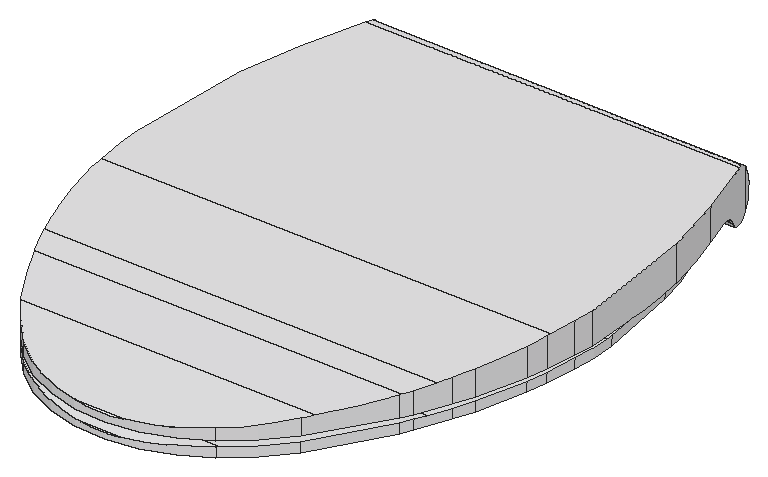
Revit family "Toilet_Seat-Elongated_Closed_Front-KALLISTA-Ultra-P78634", category Specialty Equipment, host Face, Revit 2022 (continued)
Definition of nested family "P78634"
  Lines and regions (in)
    symbolic lines, detail levels medium+fine
      curve 74: line (0, -14.30634, 0.16306) -> (0, -14.30634, 0.22409)
      curve 75: line (0, -14.30634, 0.22409) -> (0, -8.17953, 0.27282)
      curve 76: line (0, -8.17953, 0.27282) -> (0, -8.17953, 0.22381)
      curve 77: line (0, -7.78589, 0.22381) -> (0, -7.78589, 0.27592)
      curve 78: line (0, -7.78589, 0.27592) -> (0, -5.27752, 0.32138)
      curve 79: arc (0, -5.27752, 0.32138) -> (0, -4.36257, 0.34213) -> (0, -3.44784, 0.3712) r 100.5979
      curve 80: arc (0, -7.79168, 0.05229) -> (0, -8.01642, 0.04473) -> (0, -8.24115, 0.05229) r 3.3445
      curve 81: arc (0, -7.39103, 0.23068) -> (0, -7.57551, 0.10589) -> (0, -7.79168, 0.05229) r 0.63661
      curve 82: arc (0, -8.24115, 0.05229) -> (0, -8.42378, 0.10256) -> (0, -8.57208, 0.22038) r 0.47351
      curve 83: arc (0, -14.09076, 0.0258) -> (0, -14.52902, -0.0122) -> (0, -14.96728, 0.0258) r 2.5463
      curve 84: arc (0, -14.96728, 0.0258) -> (0, -15.05288, 0.07229) -> (0, -15.09296, 0.16107) r 0.15273
      curve 85: arc (0, -13.91135, 0.1665) -> (0, -13.98339, 0.07362) -> (0, -14.09076, 0.0258) r 0.24129
      curve 86: arc (0, -1.57446, 0.96393) -> (0, -2.17549, 0.64559) -> (0, -2.84536, 0.52795) r 2.17999
      curve 87: arc (0, -1.9774, 0.92949) -> (0, -1.68477, 0.97253) -> (0, -1.3891, 0.98096) r 2.51804
      curve 88: arc (0, -1.3891, 0.98096) -> (0, -1.2219, 0.94739) -> (0, -1.07509, 0.86061) r 0.51035
      curve 89: arc (0, -2.84536, 0.52795) -> (0, -10.53168, 0.43004) -> (0, -18.21857, 0.40071) r 861.54772
      curve 90: line (0, -18.41623, 0.86001) -> (0, -8.71347, 1.19883)
      curve 91: arc (0, -8.71347, 1.19883) -> (0, -6.42468, 1.31928) -> (0, -4.14158, 1.52051) r 64.86236
      curve 92: arc (0, -4.14158, 1.52051) -> (0, -2.2907, 1.70661) -> (0, -0.43792, 1.8728) r 173.07766
      curve 93: arc (0, -0.43792, 1.8728) -> (0, -0.22089, 1.83429) -> (0, -0.0516, 1.69312) r 0.42916
      curve 94: arc (0, -0.0516, 1.69312) -> (0, 0.09823, 1.44005) -> (0, 0.20503, 1.16604) r 1.80752
      curve 95: arc (0, -0.23384, 0.4182) -> (0, -0.43069, 0.38637) -> (0, -0.62754, 0.4182) r 0.62467
      curve 96: arc (0, -4.13328, 1.44221) -> (0, -2.28324, 1.62822) -> (0, -0.43131, 1.79434) r 172.99892
      curve 97: arc (0, -8.71072, 1.12014) -> (0, -6.41915, 1.24073) -> (0, -4.13328, 1.44221) r 64.9411
      curve 98: line (0, -18.41348, 0.78132) -> (0, -8.71072, 1.12014)
      curve 99: arc (0, -0.43131, 1.79434) -> (0, -0.2541, 1.76289) -> (0, -0.11587, 1.64762) r 0.35042
      curve 100: arc (0, -0.11587, 1.64762) -> (0, 0.02743, 1.40558) -> (0, 0.12959, 1.14351) r 1.72878
      curve 101: arc (0, 0.12959, 1.14351) -> (0, 0.15828, 1.05912) -> (0, 0.19324, 0.97712) r 1.1868
      curve 102: line (0, -0.62754, 0.27559) -> (0, -0.22736, 0.27559)
      curve 103: line (0, -0.82441, 0.19486) -> (0, 0.99196, 0.19486)
      curve 104: line (0, -14.534, 0.16107) -> (0, -15.09296, 0.16107)
      curve 105: line (0, -14.70004, 0.16107) -> (0, -14.70004, 0.22189)
      curve 106: line (0, -14.70004, 0.22189) -> (0, -15.57053, 0.22189)
      curve 107: line (0, -14.70004, 0.22189) -> (0, -14.30634, 0.22409)
      curve 108: line (0, -8.17953, 0.22381) -> (0, -7.78589, 0.22381)
      curve 109: line (0, -7.39103, 0.23068) -> (0, -7.78589, 0.22381)
      curve 110: line (0, -8.57208, 0.22038) -> (0, -8.17953, 0.22381)
      curve 111: line (0, -7.78589, 0.27592) -> (0, -8.17953, 0.27282)
      curve 112: line (-4.56546, 0, 0.1552) -> (3.38334, 0, 0.1552)
      curve 113: line (-4.17176, 0, 0.1552) -> (-4.17176, 0, 0.20856)
      curve 114: line (-3.77806, 0, 0.1552) -> (-3.77806, 0, 0.20856)
      curve 115: line (-3.77806, 0, 0.20856) -> (3.77715, 0, 0.1996)
      curve 116: line (3.77715, 0, 0.1996) -> (3.77715, 0, 0.15657)
      curve 117: line (3.77715, 0, 0.15657) -> (3.38345, 0, 0.15657)
      curve 118: line (3.77715, 0, 0.15657) -> (4.56455, 0, 0.15657)
      curve 119: line (4.17085, 0, 0.15657) -> (4.17085, 0, 0.20499)
      curve 120: line (3.77715, 0, 0.1996) -> (4.3677, 0, 0.1996)
      curve 121: arc (3.61449, 0, 0.01109) -> (3.94396, 0, 0.00089) -> (4.27357, 0, 0) r 11.66517
      curve 122: arc (3.38345, 0, 0.15657) -> (3.47974, 0, 0.05329) -> (3.61449, 0, 0.01109) r 0.27626
      curve 123: arc (-5.70668, 0, 1.07427) -> (0.00198, 0, 0.93462) -> (5.71064, 0, 1.07427) r 116.75344
      curve 124: arc (-6.65783, 0, 1.16136) -> (-6.18318, 0, 1.10773) -> (-5.70668, 0, 1.07427) r 11.26771
      curve 125: arc (-7.05223, 0, 1.27444) -> (-6.85915, 0, 1.20353) -> (-6.65783, 0, 1.16136) r 1.41476
      curve 126: arc (-7.09993, 0, 1.42734) -> (-7.11039, 0, 1.34019) -> (-7.05223, 0, 1.27444) r 0.1072
      curve 127: arc (5.71064, 0, 1.07427) -> (6.34601, 0, 1.13415) -> (6.97342, 0, 1.25095) r 7.08564
      curve 128: arc (6.97342, 0, 1.25095) -> (7.05171, 0, 1.28568) -> (7.11174, 0, 1.34679) r 0.22866
      curve 129: arc (7.11174, 0, 1.34679) -> (7.12313, 0, 1.37405) -> (7.12346, 0, 1.40359) r 0.0773
      curve 130: arc (7.00918, 0, 1.09758) -> (7.09363, 0, 1.12799) -> (7.16878, 0, 1.17707) r 0.38614
      curve 131: arc (5.71834, 0, 0.91698) -> (6.36783, 0, 0.97819) -> (7.00918, 0, 1.09758) r 7.24312
      curve 132: arc (-5.71438, 0, 0.91698) -> (0.00198, 0, 0.77714) -> (5.71834, 0, 0.91698) r 116.91092
      curve 133: arc (-5.89833, 0, 0.67617) -> (-0.16531, 0, 0.52751) -> (5.5681, 0, 0.65979) r 117.0684
      curve 134: arc (-6.67882, 0, 1.00529) -> (-6.19754, 0, 0.95091) -> (-5.71438, 0, 0.91698) r 11.42519
      curve 135: arc (-7.11712, 0, 1.13095) -> (-6.90255, 0, 1.05215) -> (-6.67882, 0, 1.00529) r 1.57224
      curve 136: arc (-7.16577, 0, 1.15956) -> (-7.14221, 0, 1.14396) -> (-7.11712, 0, 1.13095) r 0.26468
      curve 137: line (-7.04769, 0, 0.37376) -> (7.04519, 0, 0.37376)
      curve 138: line (-5.36752, 0, 0.22127) -> (-6.1515, 0, 0.20518)
      curve 139: line (-3.77806, 0, 0.20856) -> (-4.36861, 0, 0.20856)
      curve 140: arc (-4.19905, 0, -0.31515) -> (-0.00154, 0, -0.2761) -> (4.19585, 0, -0.32538) r 199.51272
      curve 141: line (6.20219, 0, 0.22736) -> (5.36346, 0, 0.21388)
      curve 142: line (5.88415, 0, 0.67382) -> (5.5681, 0, 0.65979)
      curve 143: line (0, -15.39895, -0.45146) -> (0, -3.6529, -0.30064)
  Dimensions and locks (in)
    aligned and locked: plane 2 to level
  Automatic sketch dimensions
    curve 51 to curve 52 = 0"  (x2)
    curve 66 to curve 71 = 0"  (x2)
    curve 34 to plane 8 = 0"
    curve 68 to plane 8 = 0"
    plane 6 to curve 54 = 11.06787"
    curve 54 to plane 4 = 34.62549"
    plane 14 to curve 65 = 2.28288"
    curve 65 to plane 4 = 21.22929"
    curve 42 to plane 12 = 2.21289"
    curve 65 to curve 42 = 4.63059"
    plane 12 to curve 63 = 0.48935"
    curve 42 to curve 63 = 6.49853"
    curve 58 to plane 13 = 2.01183"
    curve 63 to curve 58 = 2 53/256"
    curve 58 to curve 56 = 2.52218"
    curve 64 to plane 4 = 2.4988"
    curve 59 to plane 4 = 0.6338"
    curve 67 to plane 9 = 0.03828"
    curve 67 to plane 10 = 0.2021"
    plane 10 to curve 34 = 0.08711"
    curve 34 to curve 67 = 0.03477"
    plane 10 to curve 36 = 0.33328"
    curve 35 to plane 1 "Center (Front/Back)" = 0.01213"
    plane 12 to curve 57 = 0.05388"
    curve 57 to plane 20 "ka" = 0.39039"
    plane 20 "ka" to curve 53 = 0.24948"
    plane 1 "Center (Front/Back)" to curve 2 = 0.06577"
    plane 20 "ka" to curve 2 = 0.44474"
    curve 2 to curve 3 = 0.02785"
    curve 3 to curve 7 = 0.03562"
    curve 7 to curve 9 = 0.04633"
    curve 9 to curve 8 = 0.04902"
    curve 8 to curve 4 = 0.03365"
    curve 4 to curve 5 = 0.02552"
    plane 1 "Center (Front/Back)" to curve 12 = 0.0378"
    curve 5 to curve 12 = 0.16414"
    curve 4 to curve 14 = 0.1985"
    plane 20 "ka" to curve 41 = 1.04951"
    curve 5 to curve 13 = 0.66426"
    curve 12 to curve 15 = 0.00222"
    curve 43 to plane 12 = 0.43288"
    curve 43 to plane 3 "Center (Left/Right)" = 1.64423"
    plane 13 to curve 71 = 0.10943"
    curve 71 to plane 3 "Center (Left/Right)" = 1.45893"
    curve 49 to plane 3 "Center (Left/Right)" = 0.1769"
    plane 3 "Center (Left/Right)" to curve 55 = 0.02551"
    plane 3 "Center (Left/Right)" to curve 52 = 0.03466"
    plane 3 "Center (Left/Right)" to curve 50 = 0.03823"
    plane 3 "Center (Left/Right)" to curve 36 = 0.0529"
    plane 13 to curve 38 = 0.10943"
    plane 3 "Center (Left/Right)" to curve 38 = 1.45893"
    curve 60 to plane 12 = 0.43288"
    plane 3 "Center (Left/Right)" to curve 60 = 1.64423"
    curve 60 to curve 48 = 0.61243"
    plane 1 "Center (Front/Back)" to curve 30 = 0.24886"
    curve 36 to curve 30 = 2.37572"
    curve 60 to curve 62 = 1.22602"
    curve 28 to curve 29 = 0.65542"
    plane 1 "Center (Front/Back)" to curve 22 = 0.0378"
    curve 29 to curve 22 = 0.00884"
    plane 1 "Center (Front/Back)" to curve 23 = 0.06332"
    curve 22 to curve 23 = 0.16414"
    curve 21 to curve 32 = 0.03365"
    curve 32 to curve 24 = 0.04902"
    curve 24 to curve 33 = 0.04874"
    curve 33 to curve 20 = 0.03321"
    curve 20 to curve 19 = 0.02785"
    plane 12 to curve 46 = 0.05388"
    curve 46 to plane 11 = 1.00481"
    curve 69 to plane 1 "Center (Front/Back)" = 0.01213"
    curve 69 to plane 11 = 0.37452"
    curve 69 to curve 70 = 0.04123"
    curve 72 to plane 9 = 0.03828"
    plane 11 to curve 72 = 0.2021"
    plane 5 to curve 44 = 0.6338"
    curve 44 to curve 47 = 1.52249"
    curve 47 to curve 39 = 0.34251"
    curve 45 to plane 13 = 2.01183"
    curve 39 to curve 45 = 5.39432"
    plane 12 to curve 40 = 0.48935"
    curve 45 to curve 40 = 2 53/256"
    curve 61 to plane 12 = 2.21289"
    curve 40 to curve 61 = 6.49853"
    curve 61 to curve 37 = 4.63059"
    curve 37 to plane 12 = 3.58523"
    plane 14 to curve 55 = 2.10231"
    curve 50 to curve 55 = 135/256"
    curve 51 to curve 50 = 0.50493"
    curve 49 to curve 51 = 0.2334"
    curve 48 to curve 60 = 1.81237"
    curve 53 to plane 12 = 0.83272"
    plane 12 to curve 62 = 0.69669"
    plane 12 to curve 41 = 0.69669"
    curve 46 to curve 44 = 1.48249"
    curve 57 to curve 59 = 1.48249"
    curve 59 to curve 64 = 0.19772"
    curve 44 to curve 39 = 0.19772"
    curve 39 to curve 47 = 0.77483"
    curve 58 to curve 56 = 0.03671"
    curve 29 to curve 26 = 0.13045"
    curve 14 to curve 5 = 0.34151"
    curve 17 to curve 12 = 0.21106"
    plane 1 "Center (Front/Back)" to curve 33 = 0.11114"
    curve 33 to curve 20 = 0.00092"
    curve 3 to curve 2 = 0.04444"
    curve 4 to curve 4 = 0.0469"
    curve 21 to curve 21 = 0.0469"
    curve 33 to curve 19 = 0.04444"
    curve 7 to curve 9 = 0.0452"
    plane 1 "Center (Front/Back)" to curve 24 = 0.06501"
    curve 2 to curve 3 = 0.00346"
    curve 19 to curve 20 = 0.00346"
    curve 15 to curve 12 = 0.01746"
    plane 4 to curve 41 = 0.07874"
    curve 40 to curve 41 = 0"
    curve 42 to curve 41 = 0"
    curve 43 to curve 42 = 0"
    curve 44 to curve 43 = 0"
    curve 39 to curve 40 = 0"
    curve 45 to curve 44 = 0"
    curve 37 to curve 39 = 0"
    curve 46 to curve 45 = 0"
    curve 47 to curve 46 = 0"
    curve 67 to curve 34 = 0.1052"
    curve 36 to curve 17 = 0.3344"
    curve 48 to curve 47 = 0"
    curve 1 to curve 1 = 0.17643"
    curve 2 to curve 10 = 0.01067"
    curve 3 to curve 7 = 0.00908"
    curve 11 to curve 5 = 0.00615"
    curve 49 to curve 48 = 0"
    curve 14 to curve 15 = 0"
    curve 14 to curve 16 = 0.43109"
    curve 50 to curve 49 = 0"
    curve 51 to curve 50 = 0"
    curve 30 to curve 28 = 0.515"
    plane 7 to curve 51 = 0.49346"
    curve 29 to curve 28 = 0.08391"
    curve 29 to curve 27 = 0.01801"
    curve 26 to curve 32 = 0.02828"
    curve 24 to curve 32 = 0"
    curve 53 to curve 52 = 0"
    curve 33 to curve 25 = 0.02627"
    curve 18 to curve 18 = 0.17643"
    curve 55 to curve 53 = 0"
    curve 31 to curve 70 = 0.3344"
    curve 54 to curve 55 = 0"
    curve 68 to curve 69 = 0.1052"
    plane 8 to curve 66 = 0.01075"
    curve 65 to curve 66 = 0"
    plane 11 to curve 54 = 0.35973"
    curve 57 to curve 56 = 0"
    curve 58 to curve 57 = 0"
    curve 64 to curve 65 = 0"
    curve 59 to curve 58 = 0"
    curve 63 to curve 64 = 0"
    curve 60 to curve 59 = 0"
    curve 61 to curve 60 = 0"
    curve 62 to curve 61 = 0"
    Masking region 1 sketch curve to Masking region 1 sketch curve = 0"  (x32)
    Masking region 1 sketch curve to plane 4 = 0"  (x2)
    Masking region 1 sketch curve to plane 9 = 0"  (x2)
    Masking region 1 sketch curve to plane 3 "Center (Left/Right)" = 0"  (x2)
    Masking region 1 sketch curve to plane 5 = 0"  (x2)
    Masking region 1 sketch curve to plane 7 = 0"
    Masking region 1 sketch curve to plane 4 = 0.6338"
    Masking region 1 sketch curve to Masking region 1 sketch curve = 1.865"
    Masking region 1 sketch curve to Masking region 1 sketch curve = 2.87214"
    Masking region 1 sketch curve to Masking region 1 sketch curve = 2.52218"
    plane 12 to Masking region 1 sketch curve = 0.48935"  (x2)
    Masking region 1 sketch curve to Masking region 1 sketch curve = 2 53/256"  (x2)
    Masking region 1 sketch curve to plane 12 = 2.21289"  (x2)
    Masking region 1 sketch curve to Masking region 1 sketch curve = 6.49853"  (x2)
    Masking region 1 sketch curve to Masking region 1 sketch curve = 4.63059"  (x2)
    plane 6 to Masking region 1 sketch curve = 11.06787"
    Masking region 1 sketch curve to Masking region 1 sketch curve = 13.39621"
    plane 8 to Masking region 1 sketch curve = 0.04025"  (x2)
    Masking region 1 sketch curve to plane 10 = 0.30473"
    Masking region 1 sketch curve to plane 9 = 0.01888"  (x2)
    Masking region 1 sketch curve to Masking region 1 sketch curve = 0.0251"  (x2)
    Masking region 1 sketch curve to Masking region 1 sketch curve = 0.02503"
    Masking region 1 sketch curve to plane 9 = 0.0303"  (x2)
    plane 10 to Masking region 1 sketch curve = 0.17491"
    plane 10 to Masking region 1 sketch curve = 0.41361"
    plane 1 "Center (Front/Back)" to Masking region 1 sketch curve = 0.09698"  (x2)
    Masking region 1 sketch curve to Masking region 1 sketch curve = 0.00957"  (x2)
    Masking region 1 sketch curve to Masking region 1 sketch curve = 0.25383"
    Masking region 1 sketch curve to Masking region 1 sketch curve = 0.0203"
    plane 8 to Masking region 1 sketch curve = 0.01476"  (x2)
    Masking region 1 sketch curve to Masking region 1 sketch curve = 0.10439"  (x2)
    plane 12 to Masking region 1 sketch curve = 0.05388"  (x2)
    Masking region 1 sketch curve to plane 20 "ka" = 0.39039"
    plane 20 "ka" to Masking region 1 sketch curve = 0.24948"
    plane 1 "Center (Front/Back)" to Masking region 1 sketch curve = 0.03924"  (x2)
    plane 20 "ka" to Masking region 1 sketch curve = 0.26852"
    plane 12 to Masking region 1 sketch curve = 0.69669"  (x2)
    plane 20 "ka" to Masking region 1 sketch curve = 1.04951"
    Masking region 1 sketch curve to plane 8 = 0.0011"  (x2)
    Masking region 1 sketch curve to Masking region 1 sketch curve = 0.90124"
    plane 1 "Center (Front/Back)" to Masking region 1 sketch curve = 0.24886"
    Masking region 1 sketch curve to plane 12 = 0.43288"  (x2)
    Masking region 1 sketch curve to plane 3 "Center (Left/Right)" = 1.64423"
    plane 13 to Masking region 1 sketch curve = 0.10943"  (x2)
    Masking region 1 sketch curve to plane 3 "Center (Left/Right)" = 1.45893"
    Masking region 1 sketch curve to plane 3 "Center (Left/Right)" = 0.1769"
    plane 3 "Center (Left/Right)" to Masking region 1 sketch curve = 0.02551"
    plane 3 "Center (Left/Right)" to Masking region 1 sketch curve = 0.03466"
    plane 3 "Center (Left/Right)" to Masking region 1 sketch curve = 0.03823"
    plane 3 "Center (Left/Right)" to Masking region 1 sketch curve = 1.45893"
    plane 3 "Center (Left/Right)" to Masking region 1 sketch curve = 1.64423"
    plane 3 "Center (Left/Right)" to Masking region 1 sketch curve = 1.90314"
    Masking region 1 sketch curve to Masking region 1 sketch curve = 0.61243"
    Masking region 1 sketch curve to Masking region 1 sketch curve = 0.84686"
    Masking region 1 sketch curve to Masking region 1 sketch curve = 1.22602"
    Masking region 1 sketch curve to plane 11 = 1.00481"
    Masking region 1 sketch curve to plane 11 = 0.79213"
    plane 1 "Center (Front/Back)" to Masking region 1 sketch curve = 0.05955"
    Masking region 1 sketch curve to Masking region 1 sketch curve = 0.24426"
    Masking region 1 sketch curve to plane 9 = 0.05303"
    Masking region 1 sketch curve to plane 11 = 0.17491"
    plane 11 to Masking region 1 sketch curve = 0.25138"
    Masking region 1 sketch curve to Masking region 1 sketch curve = 0.00322"
    plane 5 to Masking region 1 sketch curve = 0.6338"
    Masking region 1 sketch curve to Masking region 1 sketch curve = 1.52249"
    Masking region 1 sketch curve to Masking region 1 sketch curve = 0.34251"
    Masking region 1 sketch curve to plane 13 = 2.01183"
    Masking region 1 sketch curve to Masking region 1 sketch curve = 5.39432"
    plane 14 to Masking region 1 sketch curve = 0.83664"
    Masking region 1 sketch curve to Masking region 1 sketch curve = 0.2334"
    Masking region 1 sketch curve to Masking region 1 sketch curve = 135/256"
    Masking region 1 sketch curve to plane 12 = 3.58523"  (x2)
    Masking region 1 sketch curve to Masking region 1 sketch curve = 1.81237"
    Masking region 1 sketch curve to plane 12 = 0.83272"
    Masking region 1 sketch curve to Masking region 1 sketch curve = 0.79532"  (x2)
    Masking region 1 sketch curve to Masking region 1 sketch curve = 0.19772"  (x2)
    Masking region 1 sketch curve to Masking region 1 sketch curve = 0.77483"
    Masking region 1 sketch curve to Masking region 1 sketch curve = 3.36693"
    Masking region 1 sketch curve to Masking region 1 sketch curve = 0.03671"
    Masking region 1 sketch curve to Masking region 1 sketch curve = 0.18607"
    Masking region 1 sketch curve to Masking region 1 sketch curve = 0.14864"
    Masking region 1 sketch curve to Masking region 1 sketch curve = 0.05303"
    plane 1 "Center (Front/Back)" to Masking region 1 sketch curve = 0.04966"  (x2)
    plane 7 to Masking region 1 sketch curve = 0.42149"
    plane 11 to Masking region 1 sketch curve = 0.42973"
    Extrusion 1 sketch curve to plane 4 = 0"  (x2)
    Extrusion 1 sketch curve to plane 9 = 0"
    Extrusion 1 sketch curve to plane 3 "Center (Left/Right)" = 0"
    Extrusion 1 sketch curve to plane 5 = 0"  (x2)
    Extrusion 1 sketch curve to plane 4 = 0.54512"
    Extrusion 1 sketch curve to Extrusion 1 sketch curve = 0.08868"
    Extrusion 1 sketch curve to Extrusion 1 sketch curve = 1.865"
    Extrusion 1 sketch curve to plane 13 = 1.97512"
    Extrusion 1 sketch curve to Extrusion 1 sketch curve = 2.87214"
    Extrusion 1 sketch curve to Extrusion 1 sketch curve = 2.52218"
    plane 12 to Extrusion 1 sketch curve = 0.48935"  (x2)
    Extrusion 1 sketch curve to Extrusion 1 sketch curve = 2 53/256"  (x2)
    Extrusion 1 sketch curve to plane 12 = 2.21289"  (x2)
    Extrusion 1 sketch curve to Extrusion 1 sketch curve = 6.49853"  (x2)
    Extrusion 1 sketch curve to Extrusion 1 sketch curve = 4.63059"  (x2)
    plane 8 to Extrusion 1 sketch curve = 0.04025"  (x2)
    Extrusion 1 sketch curve to plane 10 = 0.30473"
    Extrusion 1 sketch curve to plane 9 = 0.01888"  (x2)
    Extrusion 1 sketch curve to Extrusion 1 sketch curve = 0.0251"  (x2)
    Extrusion 1 sketch curve to Extrusion 1 sketch curve = 0.02503"
    Extrusion 1 sketch curve to plane 9 = 0.0303"  (x2)
    plane 12 to Extrusion 1 sketch curve = 0.05388"  (x2)
    Extrusion 1 sketch curve to plane 20 "ka" = 0.39039"
    plane 12 to Extrusion 1 sketch curve = 0.69669"  (x2)
    plane 20 "ka" to Extrusion 1 sketch curve = 1.04951"
    Extrusion 1 sketch curve to plane 12 = 0.43288"  (x2)
    Extrusion 1 sketch curve to plane 3 "Center (Left/Right)" = 1.64423"
    plane 13 to Extrusion 1 sketch curve = 0.10943"  (x2)
    Extrusion 1 sketch curve to plane 3 "Center (Left/Right)" = 1.45893"
    Extrusion 1 sketch curve to plane 3 "Center (Left/Right)" = 1.03294"
    Extrusion 1 sketch curve to plane 3 "Center (Left/Right)" = 0.00496"
    plane 3 "Center (Left/Right)" to Extrusion 1 sketch curve = 1.45893"
    plane 3 "Center (Left/Right)" to Extrusion 1 sketch curve = 1.64423"
    Extrusion 1 sketch curve to Extrusion 1 sketch curve = 0.61243"
    Extrusion 1 sketch curve to Extrusion 1 sketch curve = 1.22602"
    Extrusion 1 sketch curve to plane 11 = 1.00481"
    plane 11 to Extrusion 1 sketch curve = 0.25138"
    Extrusion 1 sketch curve to Extrusion 1 sketch curve = 0.00322"
    plane 5 to Extrusion 1 sketch curve = 0.6338"
    Extrusion 1 sketch curve to Extrusion 1 sketch curve = 1.52249"
    Extrusion 1 sketch curve to Extrusion 1 sketch curve = 0.34251"
    Extrusion 1 sketch curve to plane 13 = 2.01183"
    Extrusion 1 sketch curve to Extrusion 1 sketch curve = 5.39432"
    Extrusion 1 sketch curve to Extrusion 1 sketch curve = 1.81237"
    Extrusion 1 sketch curve to Extrusion 1 sketch curve = 2.87571"
    Extrusion 1 sketch curve to plane 12 = 3.58523"  (x2)
    plane 14 to Extrusion 1 sketch curve = 1.15187"
    Extrusion 1 sketch curve to Extrusion 1 sketch curve = 0.79265"
    Extrusion 1 sketch curve to Extrusion 1 sketch curve = 0.00267"
    Extrusion 1 sketch curve to Extrusion 1 sketch curve = 0.79532"
    Extrusion 1 sketch curve to Extrusion 1 sketch curve = 0.19772"  (x2)
    Extrusion 1 sketch curve to Extrusion 1 sketch curve = 0.77483"
    Extrusion 1 sketch curve to Extrusion 1 sketch curve = 0.03671"
    Extrusion 1 sketch curve to Extrusion 1 sketch curve = 0"  (x20)
    plane 19 to Extrusion 2 sketch curve = 0.1303"
    Extrusion 2 sketch curve to plane 7 = 0.60758"
    Extrusion 2 sketch curve to plane 7 = 0.02144"
    plane 7 to Extrusion 2 sketch curve = 0.07133"
    Extrusion 2 sketch curve to plane 14 = 0.7603"
    Extrusion 2 sketch curve to plane 12 = 2.27969"
    Extrusion 2 sketch curve to plane 15 = 0.3613"
    Extrusion 2 sketch curve to plane 12 = 0.74103"
    plane 12 to Extrusion 2 sketch curve = 0.27077"
    plane 12 to Extrusion 2 sketch curve = 1.94819"
    Extrusion 2 sketch curve to Extrusion 2 sketch curve = 2.41497"
    plane 18 to Extrusion 2 sketch curve = 0.14864"
    Extrusion 2 sketch curve to Extrusion 2 sketch curve = 3.72721"
    Extrusion 2 sketch curve to plane 15 = 0.48813"
    Extrusion 2 sketch curve to plane 13 = 0.97482"
    Extrusion 2 sketch curve to plane 16 = 0.02233"
    plane 13 to Extrusion 2 sketch curve = 1.1989"
    Extrusion 2 sketch curve to plane 18 = 0.15641"
    Extrusion 2 sketch curve to Extrusion 2 sketch curve = 0.10015"
    plane 1 "Center (Front/Back)" to Extrusion 2 sketch curve = 0.59675"
    Extrusion 2 sketch curve to Extrusion 2 sketch curve = 0.01948"
    plane 15 to Extrusion 2 sketch curve = 0.00527"
    plane 1 "Center (Front/Back)" to Extrusion 2 sketch curve = 0.55688"
    Extrusion 2 sketch curve to Extrusion 2 sketch curve = 0.05145"
    Extrusion 2 sketch curve to Extrusion 2 sketch curve = 0.04467"
    Extrusion 2 sketch curve to plane 15 = 0.04009"
    Extrusion 2 sketch curve to Extrusion 2 sketch curve = 0.17659"
    Extrusion 2 sketch curve to Extrusion 2 sketch curve = 0.25209"
    Extrusion 2 sketch curve to Extrusion 2 sketch curve = 0.21843"
    plane 1 "Center (Front/Back)" to Extrusion 2 sketch curve = 0.09166"
    Extrusion 2 sketch curve to plane 8 = 0.04037"
    plane 6 to Extrusion 2 sketch curve = 0.57103"
    plane 19 to Extrusion 2 sketch curve = 51.56171"
    Extrusion 2 sketch curve to Extrusion 2 sketch curve = 28.9631"
    Extrusion 2 sketch curve to Extrusion 2 sketch curve = 0.58188"
    Extrusion 2 sketch curve to Extrusion 2 sketch curve = 0.15674"
    plane 18 to Extrusion 2 sketch curve = 0.33883"
    Extrusion 2 sketch curve to Extrusion 2 sketch curve = 0.02518"
    Extrusion 2 sketch curve to Extrusion 2 sketch curve = 0.19784"
    Extrusion 2 sketch curve to Extrusion 2 sketch curve = 0.15577"
    Extrusion 2 sketch curve to Extrusion 2 sketch curve = 0.02206"
    Extrusion 2 sketch curve to Extrusion 2 sketch curve = 0.17874"
    Extrusion 2 sketch curve to Extrusion 2 sketch curve = 0.26742"
    Extrusion 2 sketch curve to plane 15 = 0.2828"
    plane 15 to Extrusion 2 sketch curve = 8.36493"
    Extrusion 2 sketch curve to Extrusion 2 sketch curve = 12.57042"
    Extrusion 2 sketch curve to Extrusion 2 sketch curve = 9.87327"
    Extrusion 2 sketch curve to Extrusion 2 sketch curve = 6.75857"
    Extrusion 2 sketch curve to Extrusion 2 sketch curve = 0"  (x11)
    Extrusion 3 sketch curve to plane 13 = 0.63568"
    Extrusion 3 sketch curve to plane 13 = 0.19081"
    plane 18 to Extrusion 3 sketch curve = 0.16812"
    plane 1 "Center (Front/Back)" to Extrusion 3 sketch curve = 0.72284"
    Extrusion 3 sketch curve to plane 6 = 0.00564"
    Extrusion 3 sketch curve to plane 18 = 0.17499"
    plane 18 to Extrusion 3 sketch curve = 0.21871"
    Extrusion 3 sketch curve to plane 15 = 0.33019"
    plane 15 to Extrusion 3 sketch curve = 2.4046"
    Sweep 4 sketch curve to plane 6 = 0.36631"
    Sweep 4 sketch curve to plane 4 = 16.50161"
    plane 20 "ka" to Sweep 4 sketch curve = 0.35555"
    Sweep 4 sketch curve to plane 3 "Center (Left/Right)" = 0.68813"
    Sweep 4 sketch curve to Sweep 4 sketch curve = 0.01742"
    plane 3 "Center (Left/Right)" to Sweep 4 sketch curve = 0.01774"
    Sweep 4 sketch curve to Sweep 4 sketch curve = 0.10676"
    plane 3 "Center (Left/Right)" to Sweep 4 sketch curve = 0.4435"
    Sweep 4 sketch curve to Sweep 4 sketch curve = 0.11284"
    Sweep 4 sketch curve to Sweep 4 sketch curve = 0.58523"
    Sweep 4 sketch curve to plane 12 = 0.57932"
    Sweep 4 sketch curve to plane 11 = 1.29441"
    plane 11 to Sweep 4 sketch curve = 0.6385"
    plane 5 to Sweep 4 sketch curve = 3.67262"
    plane 14 to Sweep 4 sketch curve = 1.84077"
    Sweep 4 sketch curve to Sweep 4 sketch curve = 0.03698"
    plane 12 to Sweep 4 sketch curve = 0.43726"
    plane 12 to Sweep 4 sketch curve = 0.89236"
    plane 12 to Sweep 4 sketch curve = 1.0202"
    Sweep 4 sketch curve to Sweep 4 sketch curve = 0.06204"
    Sweep 4 sketch curve to Sweep 4 sketch curve = 0.43001"
    Sweep 4 sketch curve to Sweep 4 sketch curve = 0.02251"
    Sweep 4 sketch curve to Sweep 4 sketch curve = 0.84782"
    Sweep 4 sketch curve to Sweep 4 sketch curve = 1.27076"
    Sweep 4 sketch curve to plane 20 "ka" = 0.48771"
    Sweep 4 sketch curve to Sweep 4 sketch curve = 0"  (x12)
    Sweep 4 sketch curve to level = 1.65862"
    profile plane to Sweep 4 sketch curve = 7.3355"
    level to Sweep 4 sketch curve = 0.47828"
    profile plane to Sweep 4 sketch curve = 1.02723"
    Sweep 4 sketch curve to level = 0.31863"
    Sweep 4 sketch curve to Sweep 4 sketch curve = 0.13085"
    Sweep 4 sketch curve to level = 0.1463"
    Sweep 4 sketch curve to Sweep 4 sketch curve = 0.35622"
    profile plane to Sweep 4 sketch curve = 0.36372"
    Sweep 4 sketch curve to profile plane = 0.18314"
    Sweep 4 sketch curve to profile plane = 0.21596"
    Sweep 4 sketch curve to level = 0.40881"
    Sweep 4 sketch curve to Sweep 4 sketch curve = 0.00037"
    Sweep 4 sketch curve to Sweep 4 sketch curve = 0.38704"
    Masking region 3 sketch curve to Masking region 3 sketch curve = 0"  (x19)
    Masking region 3 sketch curve to plane 4 = 0"
    Masking region 3 sketch curve to plane 15 = 0"
    Masking region 3 sketch curve to plane 5 = 0"
    Masking region 3 sketch curve to plane 4 = 0.10875"
    plane 4 to Masking region 3 sketch curve = 0.12945"
    Masking region 3 sketch curve to Masking region 3 sketch curve = 0.10152"
    plane 4 to Masking region 3 sketch curve = 0.2405"
    Masking region 3 sketch curve to Masking region 3 sketch curve = 0.40378"
    plane 18 to Masking region 3 sketch curve = 0.05073"
    Masking region 3 sketch curve to Masking region 3 sketch curve = 0.10528"
    Masking region 3 sketch curve to Masking region 3 sketch curve = 0.50137"
    Masking region 3 sketch curve to Masking region 3 sketch curve = 0.21491"
    plane 4 to Masking region 3 sketch curve = 0.90649"
    Masking region 3 sketch curve to plane 10 = 0.9127"
    Masking region 3 sketch curve to Masking region 3 sketch curve = 0.25447"
    level to Masking region 3 sketch curve = 0.20518"
    Masking region 3 sketch curve to Masking region 3 sketch curve = 0.17994"
    plane 18 to Masking region 3 sketch curve = 0.12797"
    Masking region 3 sketch curve to Masking region 3 sketch curve = 0.19488"
    Masking region 3 sketch curve to plane 10 = 0.63478"
    plane 19 to Masking region 3 sketch curve = 0.01056"
    Masking region 3 sketch curve to plane 10 = 0.60718"
    Masking region 3 sketch curve to Masking region 3 sketch curve = 0.05975"
    Masking region 3 sketch curve to plane 15 = 0.05581"
    Masking region 3 sketch curve to plane 10 = 0.44286"
    Masking region 3 sketch curve to plane 10 = 0.24842"
    Masking region 3 sketch curve to plane 10 = 0.05256"
    level to Masking region 3 sketch curve = 0.16135"
    Masking region 3 sketch curve to plane 20 "ka" = 0.6457"
    Masking region 3 sketch curve to Masking region 3 sketch curve = 0.17764"
    level to Masking region 3 sketch curve = 0.20836"
    Masking region 3 sketch curve to Masking region 3 sketch curve = 0.02365"
    Masking region 3 sketch curve to plane 17 = 0.02972"
    Masking region 3 sketch curve to plane 20 "ka" = 0.43298"
    level to Masking region 3 sketch curve = 0.16529"
    Masking region 3 sketch curve to Masking region 3 sketch curve = 0.01896"
    Masking region 3 sketch curve to Masking region 3 sketch curve = 0.06816"
    Masking region 3 sketch curve to plane 17 = 0.04599"
    Masking region 3 sketch curve to Masking region 3 sketch curve = 0.06071"
    Masking region 3 sketch curve to level = 0.00762"
    Masking region 3 sketch curve to Masking region 3 sketch curve = 0.07208"
    Masking region 3 sketch curve to plane 17 = 0.01602"
    Masking region 3 sketch curve to Masking region 3 sketch curve = 0.09494"
    Masking region 3 sketch curve to plane 20 "ka" = 0.24558"
    Masking region 3 sketch curve to plane 20 "ka" = 0.12137"
    plane 20 "ka" to Masking region 3 sketch curve = 0.17349"
    plane 20 "ka" to Masking region 3 sketch curve = 1.04864"
    Masking region 3 sketch curve to plane 3 "Center (Left/Right)" = 0.00103"
    Masking region 3 sketch curve to plane 11 = 2.00892"
    Masking region 3 sketch curve to plane 17 = 0.01813"
    Masking region 3 sketch curve to plane 11 = 1.11911"
    Masking region 3 sketch curve to Masking region 3 sketch curve = 0.02351"
    level to Masking region 3 sketch curve = 0.02458"
    Masking region 3 sketch curve to Masking region 3 sketch curve = 0.03678"
    level to Masking region 3 sketch curve = 0.00004"
    Masking region 3 sketch curve to Masking region 3 sketch curve = 0.04436"
    Masking region 3 sketch curve to Masking region 3 sketch curve = 0.07838"
    Masking region 3 sketch curve to Masking region 3 sketch curve = 0.02802"
    Masking region 3 sketch curve to Masking region 3 sketch curve = 0.02386"
    Masking region 3 sketch curve to plane 11 = 0.87516"
    Masking region 3 sketch curve to Masking region 3 sketch curve = 0.20456"
    Masking region 3 sketch curve to plane 11 = 0.60604"
    Masking region 3 sketch curve to plane 11 = 0.00738"
    plane 11 to Masking region 3 sketch curve = 0.0485"
    plane 11 to Masking region 3 sketch curve = 0.17574"
    Masking region 3 sketch curve to Masking region 3 sketch curve = 0.2384"
    plane 11 to Masking region 3 sketch curve = 0.32939"
    plane 11 to Masking region 3 sketch curve = 0.40171"
    Masking region 3 sketch curve to plane 15 = 0.05736"
    plane 11 to Masking region 3 sketch curve = 0.45197"
    plane 18 to Masking region 3 sketch curve = 0.14587"
    Masking region 3 sketch curve to Masking region 3 sketch curve = 0.28228"
    plane 15 to Masking region 3 sketch curve = 0.00278"
    Masking region 3 sketch curve to Masking region 3 sketch curve = 0.18075"
    plane 18 to Masking region 3 sketch curve = 0.09114"
    Masking region 3 sketch curve to Masking region 3 sketch curve = 0.23709"
    plane 11 to Masking region 3 sketch curve = 0.87791"
    level to Masking region 3 sketch curve = 0.22736"
    Masking region 3 sketch curve to Masking region 3 sketch curve = 0.08096"
    level to Masking region 3 sketch curve = 0.22112"
    Masking region 3 sketch curve to Masking region 3 sketch curve = 0.05867"
    Masking region 3 sketch curve to Masking region 3 sketch curve = 0.02842"
    Masking region 3 sketch curve to plane 15 = 0.22556"
    Masking region 3 sketch curve to Masking region 3 sketch curve = 0.44697"
    Masking region 3 sketch curve to plane 5 = 0.60104"
    Masking region 3 sketch curve to Masking region 3 sketch curve = 0.27188"
    Masking region 3 sketch curve to plane 5 = 0.22946"
    Masking region 3 sketch curve to plane 5 = 0.12976"
    plane 5 to Masking region 3 sketch curve = 0.21018"
    plane 19 to Masking region 3 sketch curve = 1.32781"
    plane 19 to Masking region 3 sketch curve = 1.91529"
    Masking region 3 sketch curve to Masking region 3 sketch curve = 0.77758"
    Masking region 3 sketch curve to Masking region 3 sketch curve = 3.04095"
    Masking region 3 sketch curve to Masking region 3 sketch curve = 4.88289"
    Masking region 3 sketch curve to Masking region 3 sketch curve = 6.62127"
    plane 19 to Masking region 3 sketch curve = 0.55778"
    plane 19 to Masking region 3 sketch curve = 0.32485"
    level to Masking region 3 sketch curve = 0.16272"
    Masking region 3 sketch curve to Masking region 3 sketch curve = 0.00888"
    level to Masking region 3 sketch curve = 0.21388"
    level to Masking region 3 sketch curve = 0.22127"
    level to Masking region 3 sketch curve = 0.22553"
    Masking region 3 sketch curve to Masking region 3 sketch curve = 0.0319"
    level to Masking region 3 sketch curve = 0.27307"
    level to Masking region 3 sketch curve = 0.2803"
    Masking region 3 sketch curve to Masking region 3 sketch curve = 0.06663"
    Masking region 3 sketch curve to Masking region 3 sketch curve = 0.08181"
    Masking region 3 sketch curve to Masking region 3 sketch curve = 0.07527"
    Masking region 3 sketch curve to plane 18 = 0.17348"
    Masking region 3 sketch curve to plane 18 = 0.15372"
    Masking region 3 sketch curve to Masking region 3 sketch curve = 0.11628"
    Masking region 3 sketch curve to plane 18 = 0.13008"
    Masking region 3 sketch curve to Masking region 3 sketch curve = 0.01895"
    plane 18 to Masking region 3 sketch curve = 41/64"
    Masking region 3 sketch curve to Masking region 3 sketch curve = 0.56161"
    Masking region 3 sketch curve to Masking region 3 sketch curve = 0.33558"
    Masking region 3 sketch curve to plane 15 = 0.59386"
    Masking region 3 sketch curve to Masking region 3 sketch curve = 0.24094"
    plane 15 to Masking region 3 sketch curve = 0.34643"
    plane 15 to Masking region 3 sketch curve = 0.6374"
    plane 15 to Masking region 3 sketch curve = 1.71631"
    Masking region 3 sketch curve to Masking region 3 sketch curve = 1.45803"
    Masking region 3 sketch curve to Masking region 3 sketch curve = 6.45162"
    Masking region 3 sketch curve to Masking region 3 sketch curve = 1.29056"
    Masking region 3 sketch curve to Masking region 3 sketch curve = 65.79404"
    level to Masking region 3 sketch curve = 0.03947"
    Masking region 3 sketch curve to Masking region 3 sketch curve = 0.00179"
    Masking region 3 sketch curve to Masking region 3 sketch curve = 0.24639"
    plane 18 to Masking region 3 sketch curve = 0.06488"
    level to Masking region 3 sketch curve = 0.22548"
    plane 10 to Revolve 5 sketch curve = 0.66166"
    Revolve 5 sketch curve to Revolve 5 sketch curve = 0.02189"
    plane 20 "ka" to Revolve 5 sketch curve = 0.44499"
    Revolve 5 sketch curve to Revolve 5 sketch curve = 0.02177"
    Revolve 5 sketch curve to Revolve 5 sketch curve = 0.06355"
    Revolve 5 sketch curve to Revolve 5 sketch curve = 0.01794"
    Revolve 5 sketch curve to Revolve 5 sketch curve = 0.0663"
    Revolve 5 sketch curve to Revolve 5 sketch curve = 0.03565"
    Revolve 5 sketch curve to Revolve 5 sketch curve = 0.0239"
    Revolve 5 sketch curve to Revolve 5 sketch curve = 0.0722"  (x2)
    Revolve 5 sketch curve to Revolve 5 sketch curve = 0.82484"
    Revolve 5 sketch curve to Revolve 5 sketch curve = 0.10399"
    plane 18 to Revolve 5 sketch curve = 0.44889"
    plane 18 to Revolve 5 sketch curve = 0.45862"
    Revolve 5 sketch curve to Revolve 5 sketch curve = 0.30587"
    Revolve 5 sketch curve to Revolve 5 sketch curve = 0.01742"
    Revolve 5 sketch curve to Revolve 5 sketch curve = 0.35757"
    Revolve 5 sketch curve to Revolve 5 sketch curve = 0.04777"
    Revolve 5 sketch curve to Revolve 5 sketch curve = 0.36576"
    Revolve 5 sketch curve to Revolve 5 sketch curve = 0.06724"
    Revolve 5 sketch curve to Revolve 5 sketch curve = 0.17126"
    Revolve 5 sketch curve to Revolve 5 sketch curve = 0"
    Revolve 5 sketch curve to Revolve 5 sketch curve = 0.27161"
    Extrusion 6 sketch curve to plane 12 = 2.21289"  (x2)
    Extrusion 6 sketch curve to plane 4 = 16.59869"
    Extrusion 6 sketch curve to plane 12 = 1.53822"
    Extrusion 6 sketch curve to Extrusion 6 sketch curve = 3.24497"
    Extrusion 6 sketch curve to plane 13 = 2.01183"  (x2)
    Extrusion 6 sketch curve to Extrusion 6 sketch curve = 5.46061"
    Extrusion 6 sketch curve to Extrusion 6 sketch curve = 2.52218"
    Extrusion 6 sketch curve to plane 4 = 0.6338"
    Extrusion 6 sketch curve to Extrusion 6 sketch curve = 0.08868"
    plane 10 to Extrusion 6 sketch curve = 0.14572"
    plane 12 to Extrusion 6 sketch curve = 0.05388"  (x2)
    Extrusion 6 sketch curve to plane 20 "ka" = 0.39039"
    Extrusion 6 sketch curve to plane 3 "Center (Left/Right)" = 1.87948"
    plane 12 to Extrusion 6 sketch curve = 0.83586"
    Extrusion 6 sketch curve to Extrusion 6 sketch curve = 0.0094"
    Extrusion 6 sketch curve to plane 12 = 0.43288"  (x2)
    Extrusion 6 sketch curve to Extrusion 6 sketch curve = 0.22585"
    Extrusion 6 sketch curve to plane 3 "Center (Left/Right)" = 1.03294"
    Extrusion 6 sketch curve to plane 3 "Center (Left/Right)" = 0.00496"
    plane 3 "Center (Left/Right)" to Extrusion 6 sketch curve = 1.42434"
    Extrusion 6 sketch curve to Extrusion 6 sketch curve = 0.21989"
    Extrusion 6 sketch curve to Extrusion 6 sketch curve = 0.61243"
    Extrusion 6 sketch curve to plane 11 = 1.00481"
    Extrusion 6 sketch curve to plane 11 = 0.14858"
    plane 5 to Extrusion 6 sketch curve = 0.6338"
    Extrusion 6 sketch curve to plane 12 = 0.1191"
    plane 5 to Extrusion 6 sketch curve = 1.17911"
    Extrusion 6 sketch curve to Extrusion 6 sketch curve = 1.52249"
    Extrusion 6 sketch curve to Extrusion 6 sketch curve = 5.73683"
    Extrusion 6 sketch curve to Extrusion 6 sketch curve = 8.70557"
    Extrusion 6 sketch curve to Extrusion 6 sketch curve = 1.81237"
    Extrusion 6 sketch curve to Extrusion 6 sketch curve = 2.87571"
    plane 14 to Extrusion 6 sketch curve = 1.15187"
    plane 12 to Extrusion 6 sketch curve = 0.89789"
    plane 12 to Extrusion 6 sketch curve = 1.5337"
    Extrusion 6 sketch curve to Extrusion 6 sketch curve = 0.00267"
    Extrusion 6 sketch curve to Extrusion 6 sketch curve = 1.65547"
    Extrusion 6 sketch curve to Extrusion 6 sketch curve = 1.51703"
    Extrusion 6 sketch curve to Extrusion 6 sketch curve = 0.97256"
    Extrusion 6 sketch curve to Extrusion 6 sketch curve = 0.03671"
    plane 1 "Center (Front/Back)" to Extrusion 6 sketch curve = 1.0751"
    Extrusion 6 sketch curve to Extrusion 6 sketch curve = 0"  (x19)
    Extrusion 7 sketch curve to Extrusion 7 sketch curve = 0"  (x3)
    Extrusion 7 sketch curve to plane 7 = 1.35834"
    Extrusion 7 sketch curve to plane 7 = 0.01529"
    plane 7 to Extrusion 7 sketch curve = 0.06"
    Extrusion 7 sketch curve to plane 18 = 0.01783"
    Extrusion 7 sketch curve to Extrusion 7 sketch curve = 0.95343"
    plane 7 to Extrusion 7 sketch curve = 1.06078"
    plane 18 to Extrusion 7 sketch curve = 0.02652"
    plane 14 to Extrusion 7 sketch curve = 1.51409"
    plane 12 to Extrusion 7 sketch curve = 0.46877"
    plane 18 to Extrusion 7 sketch curve = 0.07164"
    plane 12 to Extrusion 7 sketch curve = 1.3304"
    plane 12 to Extrusion 7 sketch curve = 2.66831"
    Extrusion 7 sketch curve to plane 13 = 0.99131"
    Extrusion 7 sketch curve to plane 18 = 0.16762"
    Extrusion 7 sketch curve to plane 13 = 0.87262"
    plane 13 to Extrusion 7 sketch curve = 0.10096"
    plane 1 "Center (Front/Back)" to Extrusion 7 sketch curve = 1.17032"
    plane 18 to Extrusion 7 sketch curve = 0.22223"
    Extrusion 7 sketch curve to Extrusion 7 sketch curve = 0.09521"
    plane 9 to Extrusion 7 sketch curve = 0.29599"
    Extrusion 7 sketch curve to plane 18 = 0.2042"
    Extrusion 7 sketch curve to Extrusion 7 sketch curve = 0.1388"
    plane 19 to Extrusion 7 sketch curve = 1.7014"
    plane 19 to Extrusion 7 sketch curve = 1.92428"
    Extrusion 7 sketch curve to Extrusion 7 sketch curve = 1.73269"
    Extrusion 7 sketch curve to plane 15 = 0.61512"
    plane 15 to Extrusion 7 sketch curve = 1.26635"
    plane 15 to Extrusion 7 sketch curve = 2.54424"
    Extrusion 7 sketch curve to Extrusion 7 sketch curve = 28.76212"
    Extrusion 7 sketch curve to Extrusion 7 sketch curve = 70.0845"
    plane 18 to Extrusion 7 sketch curve = 0.43045"
    Extrusion 8 sketch curve to plane 6 = 0.36631"
    Extrusion 8 sketch curve to plane 4 = 16.50161"
    plane 20 "ka" to Extrusion 8 sketch curve = 0.35555"
    Extrusion 8 sketch curve to plane 3 "Center (Left/Right)" = 0.68813"
    Extrusion 8 sketch curve to Extrusion 8 sketch curve = 0.01742"
    plane 3 "Center (Left/Right)" to Extrusion 8 sketch curve = 0.01774"
    Extrusion 8 sketch curve to Extrusion 8 sketch curve = 0.10676"
    plane 3 "Center (Left/Right)" to Extrusion 8 sketch curve = 0.4435"
    Extrusion 8 sketch curve to Extrusion 8 sketch curve = 0.11284"
    Extrusion 8 sketch curve to Extrusion 8 sketch curve = 0.58523"
    Extrusion 8 sketch curve to plane 12 = 0.57932"
    Extrusion 8 sketch curve to plane 11 = 1.29441"
    plane 11 to Extrusion 8 sketch curve = 0.6385"
    plane 5 to Extrusion 8 sketch curve = 3.67262"
    plane 14 to Extrusion 8 sketch curve = 1.84077"
    Extrusion 8 sketch curve to Extrusion 8 sketch curve = 0.03698"
    plane 12 to Extrusion 8 sketch curve = 0.43726"
    plane 12 to Extrusion 8 sketch curve = 0.89236"
    plane 12 to Extrusion 8 sketch curve = 1.0202"
    Extrusion 8 sketch curve to Extrusion 8 sketch curve = 0.06204"
    Extrusion 8 sketch curve to Extrusion 8 sketch curve = 0.43001"
    Extrusion 8 sketch curve to Extrusion 8 sketch curve = 0.02251"
    Extrusion 8 sketch curve to Extrusion 8 sketch curve = 0.84782"
    Extrusion 8 sketch curve to Extrusion 8 sketch curve = 1.27076"
    Extrusion 8 sketch curve to plane 20 "ka" = 0.27182"
    Extrusion 8 sketch curve to Extrusion 8 sketch curve = 0"  (x11)
    Revolve 9 sketch curve to plane 18 = 0.24977"
    plane 12 to Revolve 9 sketch curve = 0.75318"
    plane 12 to Revolve 9 sketch curve = 0.87927"
    Revolve 9 sketch curve to Revolve 9 sketch curve = 0.17535"
    Revolve 9 sketch curve to Revolve 9 sketch curve = 0.13668"
    Revolve 9 sketch curve to Revolve 9 sketch curve = 0.25702"
    level to Revolve 9 sketch curve = 0.23037"
    level to Revolve 9 sketch curve = 0.05013"
    Revolve 9 sketch curve to Revolve 9 sketch curve = 0.07963"
    plane 18 to Revolve 9 sketch curve = 0.65024"
    Revolve 9 sketch curve to Revolve 9 sketch curve = 0"  (x2)
    Revolve 9 sketch curve to Revolve 9 sketch curve = 0.06919"
    plane 14 to Revolve 10 sketch curve = 0.08927"
    plane 14 to Revolve 10 sketch curve = 0.21536"
    Revolve 10 sketch curve to Revolve 10 sketch curve = 0.17535"
    Revolve 10 sketch curve to Revolve 10 sketch curve = 0.13668"
    level to Revolve 10 sketch curve = 0.18999"
    Revolve 10 sketch curve to Revolve 10 sketch curve = 0.25702"
    level to Revolve 10 sketch curve = 0.00974"
    Revolve 10 sketch curve to Revolve 10 sketch curve = 0.04781"
    Revolve 10 sketch curve to Revolve 10 sketch curve = 0.07963"
    plane 18 to Revolve 10 sketch curve = 0.60986"
    Revolve 10 sketch curve to Revolve 10 sketch curve = 0"  (x2)
    Revolve 10 sketch curve to Revolve 10 sketch curve = 0.06919"
    plane 14 to Revolve 11 sketch curve = 0.10241"
    plane 14 to Revolve 11 sketch curve = 0.22851"
    Revolve 11 sketch curve to Revolve 11 sketch curve = 0.17535"
    Revolve 11 sketch curve to Revolve 11 sketch curve = 0.13668"
    Revolve 11 sketch curve to Revolve 11 sketch curve = 0.25702"
    level to Revolve 11 sketch curve = 0.04144"
    Revolve 11 sketch curve to Revolve 11 sketch curve = 0.18024"
    Revolve 11 sketch curve to Revolve 11 sketch curve = 0.04781"
    Revolve 11 sketch curve to Revolve 11 sketch curve = 0.07963"
    plane 18 to Revolve 11 sketch curve = 0.64155"
    Revolve 11 sketch curve to Revolve 11 sketch curve = 0"  (x2)
    Revolve 11 sketch curve to Revolve 11 sketch curve = 0.06919"
    Revolve 12 sketch curve to plane 18 = 0.24977"
    plane 12 to Revolve 12 sketch curve = 0.6899"
    plane 12 to Revolve 12 sketch curve = 0.81599"
    Revolve 12 sketch curve to Revolve 12 sketch curve = 0.17535"
    Revolve 12 sketch curve to Revolve 12 sketch curve = 0.13668"
    Revolve 12 sketch curve to Revolve 12 sketch curve = 0.25702"
    level to Revolve 12 sketch curve = 0.23037"
    level to Revolve 12 sketch curve = 0.05013"
    Revolve 12 sketch curve to Revolve 12 sketch curve = 0.07963"
    plane 18 to Revolve 12 sketch curve = 0.65024"
    Revolve 12 sketch curve to Revolve 12 sketch curve = 0"  (x2)
    Revolve 12 sketch curve to Revolve 12 sketch curve = 0.06919"
    plane 18 to Revolve 13 sketch curve = 0.24936"
    plane 14 to Revolve 13 sketch curve = 0.70992"
    Revolve 13 sketch curve to Revolve 13 sketch curve = 0.04206"
    Revolve 13 sketch curve to Revolve 13 sketch curve = 0.19321"
    plane 18 to Revolve 13 sketch curve = 0.17433"
    Revolve 13 sketch curve to Revolve 13 sketch curve = 0.2604"
    Revolve 13 sketch curve to Revolve 13 sketch curve = 0.03219"
    Revolve 13 sketch curve to Revolve 13 sketch curve = 0.05904"
    Revolve 13 sketch curve to Revolve 13 sketch curve = 0.03128"
    plane 18 to Revolve 13 sketch curve = 0.05251"
    Revolve 13 sketch curve to Revolve 13 sketch curve = 0.23356"
    plane 15 to Revolve 13 sketch curve = 0.76489"
    Revolve 13 sketch curve to Revolve 13 sketch curve = 0"  (x3)
    Revolve 13 sketch curve to Revolve 13 sketch curve = 0.06479"
    plane 18 to Revolve 14 sketch curve = 0.24936"
    plane 14 to Revolve 14 sketch curve = 0.70992"
    Revolve 14 sketch curve to Revolve 14 sketch curve = 0.04206"
    Revolve 14 sketch curve to Revolve 14 sketch curve = 0.19321"
    plane 18 to Revolve 14 sketch curve = 0.17433"
    Revolve 14 sketch curve to Revolve 14 sketch curve = 0.2604"
    Revolve 14 sketch curve to Revolve 14 sketch curve = 0.03219"
    Revolve 14 sketch curve to Revolve 14 sketch curve = 0.05904"
    Revolve 14 sketch curve to Revolve 14 sketch curve = 0.23356"
    plane 15 to Revolve 14 sketch curve = 0.76489"
    Revolve 14 sketch curve to Revolve 14 sketch curve = 0.03128"
    plane 18 to Revolve 14 sketch curve = 0.05251"
    Revolve 14 sketch curve to Revolve 14 sketch curve = 0"  (x3)
    Revolve 14 sketch curve to Revolve 14 sketch curve = 0.06479"
    Extrusion 15 sketch curve to Extrusion 15 sketch curve = 0"  (x4)
    plane 1 "Center (Front/Back)" to Extrusion 15 sketch curve = 0.58559"
    Extrusion 15 sketch curve to Extrusion 15 sketch curve = 0.00005"
    Extrusion 15 sketch curve to Extrusion 15 sketch curve = 0.02845"
    Extrusion 15 sketch curve to Extrusion 15 sketch curve = 0.00007"
    Extrusion 15 sketch curve to Extrusion 15 sketch curve = 0.0313"  (x2)
    Extrusion 15 sketch curve to Extrusion 15 sketch curve = 0.03983"
    Extrusion 15 sketch curve to Extrusion 15 sketch curve = 0.02971"
    Extrusion 15 sketch curve to Extrusion 15 sketch curve = 0.12802"
    Extrusion 15 sketch curve to Extrusion 15 sketch curve = 0.001"
    Extrusion 15 sketch curve to Extrusion 15 sketch curve = 0.10189"
    Extrusion 15 sketch curve to Extrusion 15 sketch curve = 0.00888"
    Extrusion 15 sketch curve to Extrusion 15 sketch curve = 0.12419"
    Extrusion 15 sketch curve to Extrusion 15 sketch curve = 0.00283"
    Extrusion 15 sketch curve to Extrusion 15 sketch curve = 0.04577"
    plane 18 to Extrusion 15 sketch curve = 0.26812"
    plane 18 to Extrusion 15 sketch curve = 0.29775"
    Extrusion 15 sketch curve to Extrusion 15 sketch curve = 0.03461"
    Extrusion 15 sketch curve to Extrusion 15 sketch curve = 0.06423"
    Extrusion 15 sketch curve to Extrusion 15 sketch curve = 0.10343"
    Extrusion 15 sketch curve to Extrusion 15 sketch curve = 0.00542"
    Extrusion 15 sketch curve to Extrusion 15 sketch curve = 0.11125"  (x2)
    Extrusion 15 sketch curve to Extrusion 15 sketch curve = 0.10844"
    Extrusion 15 sketch curve to Extrusion 15 sketch curve = 0.12399"
    Extrusion 15 sketch curve to Extrusion 15 sketch curve = 0.02964"
    Extrusion 15 sketch curve to Extrusion 15 sketch curve = 0.03403"
    Extrusion 15 sketch curve to Extrusion 15 sketch curve = 0.05203"
    Extrusion 15 sketch curve to Extrusion 15 sketch curve = 0.03305"
    Extrusion 15 sketch curve to Extrusion 15 sketch curve = 0.01193"
    Revolve 16 sketch curve to plane 11 = 0.66166"
    Revolve 16 sketch curve to Revolve 16 sketch curve = 0.02189"
    Revolve 16 sketch curve to plane 15 = 0.62635"
    Revolve 16 sketch curve to Revolve 16 sketch curve = 1.15663"
    Revolve 16 sketch curve to Revolve 16 sketch curve = 0.02177"
    Revolve 16 sketch curve to Revolve 16 sketch curve = 0.06355"
    Revolve 16 sketch curve to Revolve 16 sketch curve = 0.01794"
    Revolve 16 sketch curve to Revolve 16 sketch curve = 0.0663"
    Revolve 16 sketch curve to Revolve 16 sketch curve = 0.03565"
    Revolve 16 sketch curve to Revolve 16 sketch curve = 0.0239"
    Revolve 16 sketch curve to Revolve 16 sketch curve = 0.0722"  (x2)
    Revolve 16 sketch curve to Revolve 16 sketch curve = 0.82484"
    Revolve 16 sketch curve to Revolve 16 sketch curve = 0.10399"
    Revolve 16 sketch curve to Revolve 16 sketch curve = 0.03438"
    Revolve 16 sketch curve to plane 15 = 0.60496"
    Revolve 16 sketch curve to Revolve 16 sketch curve = 0.02969"
    Revolve 16 sketch curve to Revolve 16 sketch curve = 0.06724"
    Revolve 16 sketch curve to Revolve 16 sketch curve = 0.04777"
    Revolve 16 sketch curve to Revolve 16 sketch curve = 0.27492"
    Revolve 16 sketch curve to Revolve 16 sketch curve = 0.36576"
    Revolve 16 sketch curve to Revolve 16 sketch curve = 0.17126"
    Revolve 16 sketch curve to Revolve 16 sketch curve = 0"
    Revolve 16 sketch curve to Revolve 16 sketch curve = 0.27161"
    Extrusion 17 sketch curve to Extrusion 17 sketch curve = 0"  (x4)
    plane 1 "Center (Front/Back)" to Extrusion 17 sketch curve = 0.58559"
    Extrusion 17 sketch curve to Extrusion 17 sketch curve = 0.00005"
    Extrusion 17 sketch curve to Extrusion 17 sketch curve = 0.02845"
    Extrusion 17 sketch curve to Extrusion 17 sketch curve = 0.00007"
    Extrusion 17 sketch curve to Extrusion 17 sketch curve = 0.0313"  (x2)
    Extrusion 17 sketch curve to Extrusion 17 sketch curve = 0.03983"
    Extrusion 17 sketch curve to Extrusion 17 sketch curve = 0.02971"
    Extrusion 17 sketch curve to Extrusion 17 sketch curve = 0.12802"
    Extrusion 17 sketch curve to Extrusion 17 sketch curve = 0.001"
    Extrusion 17 sketch curve to Extrusion 17 sketch curve = 0.10189"
    Extrusion 17 sketch curve to Extrusion 17 sketch curve = 0.00888"
    Extrusion 17 sketch curve to Extrusion 17 sketch curve = 0.12419"
    Extrusion 17 sketch curve to Extrusion 17 sketch curve = 0.00283"
    Extrusion 17 sketch curve to Extrusion 17 sketch curve = 0.04577"
    plane 18 to Extrusion 17 sketch curve = 0.60408"
    Extrusion 17 sketch curve to Extrusion 17 sketch curve = 0.00245"
    Extrusion 17 sketch curve to Extrusion 17 sketch curve = 0.00439"
    Extrusion 17 sketch curve to Extrusion 17 sketch curve = 0.03403"
    Extrusion 17 sketch curve to Extrusion 17 sketch curve = 0.05203"
    Extrusion 17 sketch curve to Extrusion 17 sketch curve = 0.12399"
    Extrusion 17 sketch curve to Extrusion 17 sketch curve = 0.07999"
    Extrusion 17 sketch curve to Extrusion 17 sketch curve = 0.0024"
    Extrusion 17 sketch curve to Extrusion 17 sketch curve = 0.00542"
    Extrusion 17 sketch curve to Extrusion 17 sketch curve = 0.11125"  (x2)
    Extrusion 17 sketch curve to Extrusion 17 sketch curve = 0.03461"
    Extrusion 17 sketch curve to Extrusion 17 sketch curve = 0.06423"
    Extrusion 17 sketch curve to Extrusion 17 sketch curve = 0.03305"
    Extrusion 17 sketch curve to Extrusion 17 sketch curve = 0.01193"
    Revolve 19 sketch curve to plane 18 = 0.25496"
    plane 3 "Center (Left/Right)" to Revolve 19 sketch curve = 1.94412"
    Revolve 19 sketch curve to plane 16 = 0.00713"  (x2)
    Revolve 19 sketch curve to Revolve 19 sketch curve = 0.0523"
    Revolve 19 sketch curve to level = 0.0026"
    Revolve 19 sketch curve to Revolve 19 sketch curve = 0.0315"
    Revolve 19 sketch curve to Revolve 19 sketch curve = 0.82565"
    Revolve 19 sketch curve to Revolve 19 sketch curve = 0"  (x2)
    Revolve 18 sketch curve to level = 0"
    Revolve 18 sketch curve to plane 16 = 0.00453"
    plane 20 "ka" to Revolve 18 sketch curve = 1.16976"
    Revolve 18 sketch curve to plane 18 = 0.25236"
    Revolve 18 sketch curve to Revolve 18 sketch curve = 0.82565"
    Revolve 18 sketch curve to Revolve 18 sketch curve = 0.0523"
    Revolve 18 sketch curve to Revolve 18 sketch curve = 0.0315"
    Revolve 18 sketch curve to Revolve 18 sketch curve = 0"  (x3)
    plane 1 "Center (Front/Back)" to Extrusion 20 sketch curve = 0.43177"  (x2)
    Extrusion 20 sketch curve to plane 11 = 2.56496"
    Extrusion 20 sketch curve to Extrusion 20 sketch curve = 0.20472"  (x2)
    Extrusion 20 sketch curve to Extrusion 20 sketch curve = 0"  (x2)
    plane 20 "ka" to Extrusion 20 sketch curve = 1.16976"
    Extrusion 21 sketch curve to plane 4 = 0"  (x2)
    Extrusion 21 sketch curve to plane 3 "Center (Left/Right)" = 0"
    Extrusion 21 sketch curve to plane 5 = 0"  (x2)
    Extrusion 21 sketch curve to plane 4 = 0.54512"
    Extrusion 21 sketch curve to Extrusion 21 sketch curve = 0.08868"
    Extrusion 21 sketch curve to Extrusion 21 sketch curve = 1.865"
    Extrusion 21 sketch curve to plane 13 = 1.9783"
    Extrusion 21 sketch curve to Extrusion 21 sketch curve = 2.87214"
    Extrusion 21 sketch curve to Extrusion 21 sketch curve = 2.52218"
    plane 12 to Extrusion 21 sketch curve = 0.48618"  (x2)
    Extrusion 21 sketch curve to Extrusion 21 sketch curve = 2 53/256"  (x2)
    Extrusion 21 sketch curve to plane 12 = 2.21607"  (x2)
    Extrusion 21 sketch curve to Extrusion 21 sketch curve = 6.49853"  (x2)
    Extrusion 21 sketch curve to Extrusion 21 sketch curve = 4.63059"  (x2)
    plane 8 to Extrusion 21 sketch curve = 0.03707"  (x2)
    Extrusion 21 sketch curve to plane 10 = 0.30473"
    Extrusion 21 sketch curve to plane 9 = 0.02206"  (x2)
    Extrusion 21 sketch curve to Extrusion 21 sketch curve = 0.0251"  (x2)
    Extrusion 21 sketch curve to plane 9 = 0.00318"
    Extrusion 21 sketch curve to Extrusion 21 sketch curve = 0.02503"
    Extrusion 21 sketch curve to Extrusion 21 sketch curve = 0.02825"
    plane 12 to Extrusion 21 sketch curve = 0.0507"  (x2)
    Extrusion 21 sketch curve to plane 20 "ka" = 0.39039"
    plane 12 to Extrusion 21 sketch curve = 0.69351"  (x2)
    plane 20 "ka" to Extrusion 21 sketch curve = 1.04951"
    Extrusion 21 sketch curve to plane 12 = 0.43606"  (x2)
    Extrusion 21 sketch curve to plane 3 "Center (Left/Right)" = 1.64423"
    plane 13 to Extrusion 21 sketch curve = 0.10625"  (x2)
    Extrusion 21 sketch curve to plane 3 "Center (Left/Right)" = 1.45893"
    Extrusion 21 sketch curve to plane 3 "Center (Left/Right)" = 1.03294"
    Extrusion 21 sketch curve to plane 3 "Center (Left/Right)" = 0.00496"
    plane 3 "Center (Left/Right)" to Extrusion 21 sketch curve = 1.45893"
    plane 3 "Center (Left/Right)" to Extrusion 21 sketch curve = 1.64423"
    Extrusion 21 sketch curve to Extrusion 21 sketch curve = 0.61243"
    Extrusion 21 sketch curve to Extrusion 21 sketch curve = 1.22602"
    Extrusion 21 sketch curve to plane 11 = 1.00481"
    Extrusion 21 sketch curve to plane 9 = 0.03348"
    plane 11 to Extrusion 21 sketch curve = 0.25138"
    Extrusion 21 sketch curve to Extrusion 21 sketch curve = 0.00322"
    plane 5 to Extrusion 21 sketch curve = 0.6338"
    Extrusion 21 sketch curve to Extrusion 21 sketch curve = 1.52249"
    Extrusion 21 sketch curve to Extrusion 21 sketch curve = 0.34251"
    Extrusion 21 sketch curve to plane 13 = 2.01501"
    Extrusion 21 sketch curve to Extrusion 21 sketch curve = 5.39432"
    Extrusion 21 sketch curve to Extrusion 21 sketch curve = 1.81237"
    Extrusion 21 sketch curve to Extrusion 21 sketch curve = 2.87571"
    Extrusion 21 sketch curve to plane 12 = 3.58841"  (x2)
    plane 14 to Extrusion 21 sketch curve = 1.1487"
    Extrusion 21 sketch curve to Extrusion 21 sketch curve = 0.79265"
    Extrusion 21 sketch curve to Extrusion 21 sketch curve = 0.00267"
    Extrusion 21 sketch curve to Extrusion 21 sketch curve = 0.79532"
    Extrusion 21 sketch curve to Extrusion 21 sketch curve = 0.19772"  (x2)
